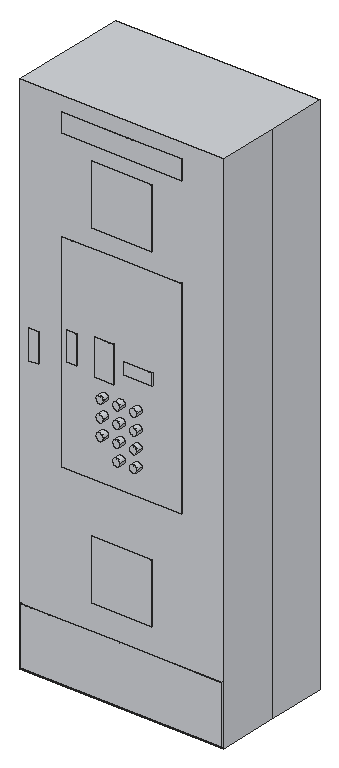
Revit family "06-BM_電盤3", category 電氣設備, Revit 2022
Family settings
  面板規劃 = 兩欄，回路穿越
  圓形接點標註 = 使用直徑
  組件類型 = 分電盤
  以工作平面為基礎 = 否
  總是垂直 = 是
  載入時使用空心切割 = 否
  保持標註方位 = 否
  共用 = 否
  房間計算點 = 否
Parameters (values of type "電盤3")
  高 = 0 mm
  built-in parameter 1155100 [instance] = -1
  長 = 0 mm
  寬 = 0 mm
  Type Comments = ""
  built-in parameter 1140142 [instance] = -1
  built-in parameter 1140140 [instance] = 1 (stored number, unit not read)
  LoadName-迴路與負載名稱 = ""
  Load-負載(T) = 0 VA
  Load-負載(S) = 0 VA
  Load-負載(R) = 0 VA
  Default Elevation = 0 mm
  Manufacturer = ""
  Model = ""
  Description = ""
  Current-電流 = 0 A
  Cost = 0
  URL = ""
  Capacity-容量 = 0 VA
Reference planes
  plane 1: y = 0
  plane 2: z = 0
  plane 3: x = 0
Forms (mm)
  Extrusion 1, solid
    sketch origin (0, 0, 0) x (1, 0, 0) y (0, 1, 0)
      loop
        line (425, 0) -> (425, 250) -> (-425, 250) -> (-425, -250) -> (425, -250) -> (425, 0)
    from 0 to 2200
  Extrusion 2, solid
    sketch origin (425, -250, 0) x (-1, 0, 0) y (0, 0, -1)
      loop
        line (425, -2140) -> (675, -2140) -> (675, -2060) -> (175, -2060) -> (175, -2140) -> (425, -2140)
      loop
        line (425, -2000) -> (550, -2000) -> (550, -1750) -> (300, -1750) -> (300, -2000) -> (425, -2000)
      loop
        line (425, -1675) -> (675, -1675) -> (675, -815) -> (175, -815) -> (175, -1675) -> (425, -1675)
      loop
        line (425, -600) -> (550, -600) -> (550, -350) -> (300, -350) -> (300, -600) -> (425, -600)
      loop
        line (425, -245) -> (845, -245) -> (845, -5) -> (5, -5) -> (5, -245) -> (425, -245)
    from 0 to 2
  Extrusion 3, solid
    sketch origin (425, -250, 0) x (-1, 0, 0) y (0, 0, -1)
      loop
        line (810, -1285) -> (810, -1165) -> (770, -1165) -> (770, -1285) -> (810, -1285)
    from 0 to 2
  Extrusion 4, solid
    sketch origin (425, -252, 0) x (-1, 0, 0) y (0, 0, -1)
      loop
        line (650, -1335) -> (650, -1215) -> (610, -1215) -> (610, -1335) -> (650, -1335)
    from 0 to 2
  Extrusion 5, solid
    sketch origin (425, -252, 0) x (-1, 0, 0) y (0, 0, -1)
      loop
        line (535, -1350) -> (535, -1200) -> (455, -1200) -> (455, -1350) -> (535, -1350)
      loop
        line (415, -1300) -> (415, -1250) -> (295, -1250) -> (295, -1300) -> (415, -1300)
    from 0 to 2
  Extrusion 6, solid
    sketch origin (425, -252, 0) x (-1, 0, 0) y (0, 0, -1)
      loop
        circle (425, -1140) r 15
      loop
        circle (495, -1140) r 15
      loop
        circle (355, -1140) r 15
      loop
        circle (425, -1070) r 15
      loop
        circle (495, -1070) r 15
      loop
        circle (355, -1070) r 15
      loop
        circle (425, -1000) r 15
      loop
        circle (495, -1000) r 15
      loop
        circle (355, -1000) r 15
      loop
        circle (425, -930) r 15
      loop
        circle (355, -930) r 15
    from 0 to 25
